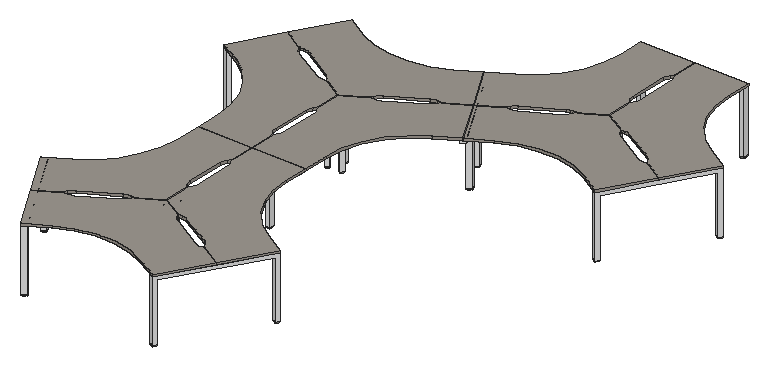
Revit family "120 Degree 9 User Symmetrical Workstation", category Furniture, Revit 2016 (continued)
Automatic sketch dimensions
  curve 9 to plane 1 "Center (Front/Back)" = 173.205 mm
  curve 34 to curve 33 = 834.671 mm
  curve 33 to plane 9 = 124.019 mm
  curve 33 to curve 21 = 51.962 mm
  curve 9 to plane 9 = 204.127 mm
  curve 33 to curve 34 = 481.897 mm
  curve 33 to curve 33 = 498.397 mm
  curve 33 to curve 21 = 30 mm
  curve 22 to plane 6 = 30 mm
  plane 6 to curve 10 = 30 mm
  plane 1 "Center (Front/Back)" to curve 9 = 308.942 mm
  curve 2 to plane 3 "Center (Left/Right)" = 0 mm
  curve 14 to plane 3 "Center (Left/Right)" = 0 mm
  plane 1 "Center (Front/Back)" to curve 2 = 346.41 mm
  curve 1 to curve 5 = 300 mm
  curve 5 to curve 18 = 1778.461 mm
  curve 17 to curve 14 = 600 mm
  curve 13 to curve 25 = 1778.461 mm
  curve 25 to curve 30 = 300 mm  (x2)
  curve 29 to curve 13 = 1546.41 mm
  curve 29 to curve 26 = 519.615 mm
  curve 1 to curve 6 = 519.615 mm  (x2)
  curve 17 to curve 13 = 0 mm
  curve 6 to curve 5 = 835.104 mm
  curve 1 to curve 6 = 300 mm
  curve 5 to curve 5 = 863.25 mm
  curve 5 to curve 17 = 51.962 mm
  curve 13 to curve 14 = 863.25 mm
  curve 14 to curve 26 = 51.962 mm
  curve 25 to curve 25 = 835.104 mm
  curve 29 to curve 29 = 963.795 mm
  curve 2 to curve 1 = 964.295 mm
  curve 29 to curve 30 = 482.147 mm
  curve 1 to curve 1 = 482.147 mm
  curve 30 to curve 25 = 519.615 mm
  curve 25 to curve 26 = 498.397 mm
  curve 5 to curve 5 = 498.397 mm
  curve 5 to curve 17 = 30 mm
  curve 26 to curve 14 = 30 mm
  curve 13 to curve 13 = 964.295 mm
  curve 18 to curve 13 = 0 mm
Nested families
  nested 1: "1200 Mesa Leg" at (792.82, 361.218, 0) x (0.866, -0.5, 0) z (0, 0, 1), type "1200 Mesa Leg"
  nested 2: "1200 Mesa Leg" at (-592.82, 14.808, 0) x (-0.866, -0.5, 0) z (0, 0, 1), type "1200 Mesa Leg"
  nested 3: "1200 Intermediate Mesa Leg" at (820.966, 3231.058, 0) x (0.866, 0.5, 0) z (0, 0, 1), type "1200 Intermediate Mesa Leg"
  nested 4: "1200 Mesa Leg" at (-592.82, 3561.218, 0) x (-0.866, 0.5, 0) z (0, 0, 1), type "1200 Mesa Leg"
  nested 5: "1200 Intermediate Mesa Leg" at (200, 2155.513, 0) x (0, -1, 0) z (0, 0, 1), type "1200 Intermediate Mesa Leg"
  nested 6: "1200 Mesa Leg" at (1878.461, 4988.013, 0) x (0, 1, 0) z (0, 0, 1), type "1200 Mesa Leg"
  nested 7: "1200 Mesa Leg" at (2670.848, 3615.058, 0) x (0.866, -0.5, 0) z (0, 0, 1), type "1200 Mesa Leg"
Definition of nested family "1200 Mesa Leg"
  Parameters (values of type "1200 Mesa Leg")
    Width = 800 mm
    URL = "www.gof.co.uk"
    Type Comments = ""
    Range = "MESA"
    Product Code = "1200 Leg"
    Model = ""
    Manufacturer = "Gresham Office Furniture"  # constant formula
    Frame = none
    Foot = none
    Assembly Code = "E2020200"
  Reference planes
    plane 1 "Center (Front/Back)": y = -200
    plane 2: z = 0
    plane 3 "Center (Left/Right)": x = 0
    plane 4: x = -400
    plane 5: x = 400
    plane 6 "Desktop Underside": z = 702
    plane 7: y = 400
    plane 8: y = -800
    plane 9 "Foot": z = 10
  Forms (mm)
    Extrusion 1, solid, material <- "Frame"
      sketch origin (997.5, 311.693, 702) x (0, -1, 0) y (0, 0, 1)
        loop
          line (383.606, 0) -> (-85.807, 0) -> (-85.807, -692) -> (-45.807, -692) -> (-45.807, -40) -> (1069.193, -40) -> (1069.193, -692) -> (1109.193, -692) -> (1109.193, 0) -> (383.606, 0)
      from 600 to 660
    Extrusion 2, solid, material <- "Foot"
      sketch origin (481.991, 484.546, 10) x (-0.707107, 0.707107, 0) y (-0.707107, -0.707107, 0)
        loop
          line (-804.373, 1008.714) -> (-846.799, 966.287) -> (-818.515, 938.003) -> (-776.088, 980.43) -> (-804.373, 1008.714)
        loop
          line (40.62, 163.721) -> (12.336, 192.005) -> (-30.091, 149.579) -> (-1.807, 121.295) -> (40.62, 163.721)
      from 0 to -5
    Extrusion 3, solid
      sketch origin (487.674, 479.532, 0) x (0.707107, -0.707107, 0) y (0.707107, 0.707107, 0)
        loop
          circle (-12.828, -157.123) r 18
        loop
          circle (803.88, -973.831) r 18
      from 0 to 5
  Dimensions and locks
    locked: plane 6 "Desktop Underside" to plane 2 at 702
    equal spacing: plane 4, plane 3 "Center (Left/Right)", plane 5
    "Width": plane 4 to plane 5
    equal spacing: plane 7, plane 1 "Center (Front/Back)", plane 8
    locked: plane 7 to plane 8 at 1200
    Extrusion 1 sketch curve to Extrusion 1 sketch curve = 40 mm  (x2)
    locked: Extrusion 1 to plane 8 at 2.5
    locked: plane 7 to Extrusion 1 at 2.5
    Extrusion 1 to Extrusion 2 sketch curve = 40 mm
    locked: Extrusion 1 to Extrusion 1 at 60
    locked: plane 7 to Extrusion 3 sketch curve at 22.5
    locked: Extrusion 3 sketch curve to plane 5 at 32.5  (x2)
    locked: Extrusion 3 sketch curve to plane 8 at 22.5
    aligned and locked: level to plane 2
  Automatic sketch dimensions
    Extrusion 1 sketch curve to plane 6 "Desktop Underside" = 0 mm
    Extrusion 1 sketch curve to plane 9 "Foot" = 0 mm  (x2)
    Extrusion 1 sketch curve to plane 1 "Center (Front/Back)" = 128.087 mm
    plane 5 to Extrusion 2 sketch curve = 2.5 mm
    plane 8 to Extrusion 2 sketch curve = 2.5 mm
    Extrusion 2 sketch curve to Extrusion 2 sketch curve = 28.284 mm  (x3)
    Extrusion 2 sketch curve to Extrusion 2 sketch curve = 42.426 mm  (x2)
    Extrusion 2 sketch curve to Extrusion 2 sketch curve = 788.424 mm
    Extrusion 1 sketch curve to plane 7 = 42.5 mm
    plane 8 to Extrusion 1 sketch curve = 42.5 mm
    Extrusion 1 sketch curve to plane 6 "Desktop Underside" = 40 mm
    radius of Extrusion 3 sketch curve = 18 mm  (x2)
Definition of nested family "1200 Intermediate Mesa Leg"
  Parameters (values of type "1200 Intermediate Mesa Leg")
    Width = 800 mm
    URL = "www.gof.co.uk"
    Type Comments = ""
    Range = "MESA"
    Product Code = "1200 Intermediate Leg"
    Model = ""
    Manufacturer = "Gresham Office Furniture"  # constant formula
    Frame = none
    Foot = none
    Assembly Code = "E2020200"
  Reference planes
    plane 1 "Center (Front/Back)": y = -200
    plane 2: z = 0
    plane 3 "Center (Left/Right)": x = 0
    plane 4: x = -400
    plane 5: x = 400
    plane 6 "Desktop Underside": z = 702
    plane 7: y = 400
    plane 8: y = -800
    plane 9 "Foot": z = 10
  Forms (mm)
    Extrusion 1, solid, material <- "Frame"
      sketch origin (997.5, 311.693, 702) x (0, -1, 0) y (0, 0, 1)
        loop
          line (734.193, -692) -> (734.193, -40) -> (1074.193, -40) -> (1074.193, 0) -> (-50.807, 0) -> (-50.807, -40) -> (289.193, -40) -> (289.193, -692) -> (329.193, -692) -> (329.193, -40) -> (694.193, -40) -> (694.193, -692) -> (734.193, -692)
      from 600 to 660
    Extrusion 2, solid, material <- "Foot"
      sketch origin (563.13, 858.982, 10) x (-0.707107, 0.707107, 0) y (-0.707107, -0.707107, 0)
        loop
          line (-746.601, 1065.689) -> (-789.027, 1023.263) -> (-760.743, 994.978) -> (-718.316, 1037.405) -> (-746.601, 1065.689)
        loop
          line (-431.938, 751.027) -> (-460.222, 779.311) -> (-502.649, 736.884) -> (-474.365, 708.6) -> (-431.938, 751.027)
      from 0 to -5
    Extrusion 3, solid
      sketch origin (488.28, 853.968, 0) x (0.707107, -0.707107, 0) y (0.707107, 0.707107, 0)
        loop
          circle (803.053, -973.861) r 18
        loop
          circle (516.675, -687.483) r 18
      from 0 to 5
  Dimensions and locks
    locked: plane 6 "Desktop Underside" to plane 2 at 702
    equal spacing: plane 4, plane 3 "Center (Left/Right)", plane 5
    "Width": plane 4 to plane 5
    equal spacing: plane 7, plane 1 "Center (Front/Back)", plane 8
    locked: plane 7 to plane 8 at 1200
    Extrusion 1 sketch curve to Extrusion 1 sketch curve = 40 mm  (x2)
    locked: Extrusion 1 to Extrusion 1 at 60
    equal spacing: plane 7, Extrusion 1 sketch curve, plane 1 "Center (Front/Back)", Extrusion 1 sketch curve, plane 8
    Extrusion 1 sketch curve to Extrusion 1 sketch curve = 1125 mm
    Extrusion 2 to Extrusion 3 sketch curve = 20 mm  (x4)
    Extrusion 3 sketch curve to Extrusion 1 = 30 mm  (x2)
    Extrusion 2 sketch curve to Extrusion 2 sketch curve = 40 mm  (x2)
    aligned and locked: level to plane 2
  Automatic sketch dimensions
    Extrusion 1 sketch curve to plane 9 "Foot" = 0 mm  (x2)
    Extrusion 1 sketch curve to plane 6 "Desktop Underside" = 0 mm
    Extrusion 1 sketch curve to plane 6 "Desktop Underside" = 40 mm  (x3)
    Extrusion 1 sketch curve to plane 7 = 37.5 mm
    Extrusion 1 sketch curve to plane 1 "Center (Front/Back)" = 222.5 mm
    plane 1 "Center (Front/Back)" to Extrusion 1 sketch curve = 182.5 mm
    plane 5 to Extrusion 2 sketch curve = 2.5 mm
    plane 1 "Center (Front/Back)" to Extrusion 2 sketch curve = 222.5 mm
    Extrusion 2 sketch curve to Extrusion 2 sketch curve = 42.426 mm  (x2)
    Extrusion 2 sketch curve to Extrusion 2 sketch curve = 258.094 mm  (x2)
    Extrusion 2 sketch curve to Extrusion 2 sketch curve = 28.284 mm  (x2)
    radius of Extrusion 3 sketch curve = 18 mm  (x2)
